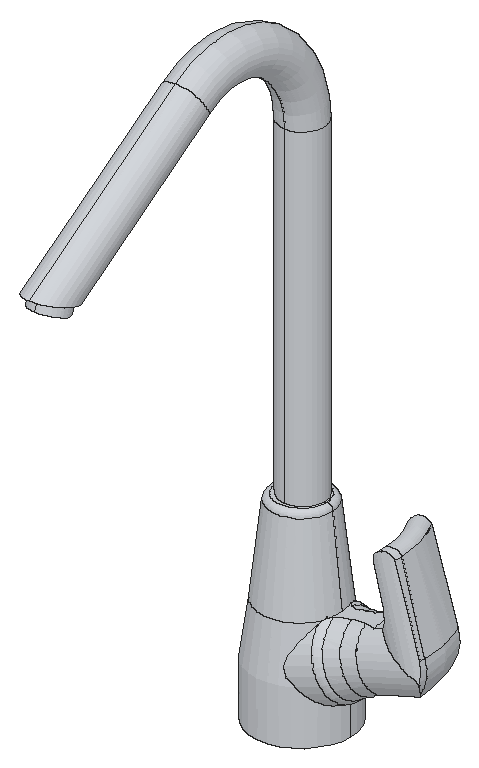
Revit family "AV5030001_Grifería para Lavaplatos sencilloAluvia Palanca", category Plumbing Fixtures, host Face, Revit 2019
Family settings
  Host = Face
  Round Connector Dimension = Use Diameter
  Part Type = Normal
  OmniClass Number = 23.21.23.23
  OmniClass Title = Residential Food Cooking Equipment
  Cut with Voids When Loaded = No
  Shared = No
  Room Calculation Point = No
Parameters
  Work temperature = ""
  Width = 260 mm  # constant formula
  Warranty = "30  Años Grival - 2 Años Cromado"  # constant formula
  Pick Life or Wear (Rotary) = "50.000 ciclos."  # constant formula
  URL = "https://corona.co/medias/AV5080001-griferia-lavaplatos-8-pulgadas-aluvia-triceta-ficha-tecnica.pdf?context=bWFzdGVyfGRvY3VtZW50c3wxNTQ3MzE5fGFwcGxpY2F0aW9uL3BkZnxoNmEvaGQxLzg4MDQ5MTkxODEzNDIvQVY1MDgwMDAxLWdyaWZlcmlhLWxhdmFwbGF0b3MtOC1wdWxnYWRhcy1hbHV2aWEtdHJpY2V0YS1maWNoYS10ZWNuaWNhLnBkZnxjN2U5MDZlNTgwZjU3ZDlmM2JmZGEyY2JiNDk3MmQ0OWUwMGY5MTUwYzhiYjE4NmVkNjc5MzhhNDUzMGUzNzcw"
  Service life or wear (unit) = "500.000 ciclos."  # constant formula
  SKU = "AV5030001"  # constant formula
  Reference = " AV5030001"  # constant formula
  Model = "Griferia LavaPlatos Aluvia 8 Pulgadas Triceta"  # constant formula
  Recommended minimum pressure = "20 psi (138 Kpa)."  # constant formula
  Maximum gauge working pressure of water = " 125 psi (862 Kpa)."  # constant formula
  Material = Corona_Plastico_Cromado
  Manufacturer = "Corona"  # constant formula
  Height = 336 mm  # constant formula
  Fecha de creación = "30/09/2020"  # constant formula
  Description = "La grifería de cocina Aluvia ha sido diseñada para trabajar en perfecta armonía con el espacio. Su pico giratorio le permite al usuario tomar ventaja de toda el área de la poceta. Pico alto que permite el lavado de elementos de gran tamaño, dando confortnen el uso."  # constant formula
  Depth = 198 mm  # constant formula
  Default Elevation = 900 mm
  Creado por = "IDD"  # constant formula
  Acabado = Corona_Plastico_Cromado
Reference planes
  plane 1 "Center (Front/Back)": y = 0
  plane 2: z = 0
  plane 3 "Center (Left/Right)": x = 0
  plane 4: y = 99
  plane 5: y = -99
  plane 6: x = -130
  plane 7: x = 130
  plane 8: z = 336
  plane 9: z = 0
  plane 10: y = 62.914
Forms (mm)
  Revolve 1, solid, detail levels medium+fine
    sketch origin (0, 74, 0) x (1, 0, 0) y (0, 0, 1)
      loop
        line (-25, 0) -> (0, 0) -> (0, 102.415) -> (-12.681, 102.415)
        arc (-12.681, 102.415) -> (-14.777, 101.561) -> (-15.68, 99.485) r 3
        arc (-15.68, 99.485) -> (-17.319, 77.04) -> (-21.163, 54.866) r 227.983
        arc (-21.163, 54.866) -> (-25.16, 27.578) -> (-25, 0) r 182.559
      axis (0, 102.415) -> (0, 0)
    angle from 0 to 360
  Sweep 2, solid, detail levels medium+fine
    path origin (0, 0, 0) x (0, 1, 0) y (0, 0, 1)
      loop
        line (85.7, 99.553) -> (85.7, 272.827)
        arc (85.7, 272.827) -> (54.789, 325.304) -> (-6.095, 323.71) r 60
        line (-6.095, 323.71) -> (-99, 265.656)
    profile origin (0, 85.7, 186.19) x (0, -1, 0) y (1, 0, 0)
      loop
        circle (11.2, 0) r 11.2
  Extrusion 3, void
    sketch origin (0, 0, 0) x (0, 1, 0) y (0, 0, 1)
      loop
        line (-99, 265.656) -> (-107.293, 241.573) -> (-68.705, 240.225) -> (-68.705, 255.225) -> (-99, 265.656)
    from -31.011 to 28.728
  Revolve 4, solid, detail levels medium+fine
    sketch origin (0, -5.312, 2.188) x (0, 1, 0) y (0, 0, 1)
      loop
        line (-88.479, 262.034) -> (-90.22, 256.977) -> (-81.349, 253.923) -> (-79.608, 258.979) -> (-88.479, 262.034)
      axis (-79.608, 258.979) -> (-81.349, 253.923)
    angle from 0 to 360
  Extrusion 5, solid, detail levels coarse
    sketch origin (0, 0, 0) x (1, 0, 0) y (0, 1, 0)
      loop
        line (-129.641, 110.352) -> (-129.641, -99.792) -> (130.209, -99.792) -> (130.209, 110.352) -> (-129.641, 110.352)
    from -18.606 to 333.369
  Revolve 6, solid, detail levels medium+fine
    sketch origin (-1.016, 74.163, -0.169) x (1, 0, 0) y (0, 0, 1)
      loop
        line (3.406, 31.658) -> (42.572, 43.632) -> (37.782, 59.297) -> (29.989, 57.923)
        arc (29.989, 57.923) -> (25.986, 57.457) -> (21.957, 57.362) r 43.695
        arc (21.957, 57.362) -> (19.851, 57.946) -> (17.668, 57.889) r 7.39
        line (17.668, 57.889) -> (2.584, 55.229) -> (3.406, 31.658)
      axis (3.406, 31.658) -> (42.572, 43.632)
    angle from 0 to 360
  Sweep 7, solid, detail levels medium+fine
    path origin (0, 0, 0) x (1, 0, 0) y (0, 0, 1)
      loop
        line (41.556, 43.463) -> (65.464, 50.772) -> (51.228, 103.898)
    profile origin (53.51, 0, 47.117) x (-0.292372, 0, 0.956305) y (0, -1, 0)
      loop
        circle (0, -74.163) r 16.381
  Revolve 8, void, detail levels medium+fine
    sketch origin (0, 62.914, 0) x (1, 0, 0) y (0, 0, 1)
      loop
        line (10.504, 121.248) -> (19.715, 55.706) -> (42.973, 58.975)
        arc (42.973, 58.975) -> (52.191, 64.679) -> (54.213, 75.329) r 13.458
        line (54.213, 75.329) -> (49.644, 95.122)
        arc (49.644, 95.122) -> (52.915, 101.376) -> (59.595, 99.099) r 5.422
        line (59.595, 99.099) -> (71.692, 56.911)
        arc (71.692, 56.911) -> (71.794, 45.244) -> (65.872, 35.191) r 21.83
        line (65.872, 35.191) -> (46.345, 27.797) -> (46.345, 11.248) -> (89.948, 11.248) -> (89.948, 121.248) -> (10.504, 121.248)
      axis (0, 121.248) -> (0, 11.248)
    angle from 0 to 360
Cuts and joins
  Extrusion 3 cuts Sweep 2
  Revolve 8 cuts Extrusion 5
  Revolve 8 cuts Revolve 6
  Revolve 8 cuts Sweep 7
  joined: Revolve 6, Sweep 7
Dimensions and locks
  equal spacing: plane 6, plane 3 "Center (Left/Right)", plane 7
  "Width": plane 6 to plane 7
  equal spacing: plane 4, plane 1 "Center (Front/Back)", plane 5
  "Depth": plane 4 to plane 5
  "Height": plane 8 to plane 9
  aligned and locked: plane 2 to host face
  aligned and locked: level to host face
Automatic sketch dimensions
  host sketch curve to host sketch curve = 260 mm
  host sketch curve to host sketch curve = 153.497 mm
  Revolve 1 sketch curve to level = 0 mm
  Revolve 1 sketch curve to plane 3 "Center (Left/Right)" = 0 mm  (x2)
  Revolve 1 sketch curve to plane 3 "Center (Left/Right)" = 12.681 mm
  Revolve 1 sketch curve to plane 3 "Center (Left/Right)" = 25 mm
  Revolve 1 sketch curve to plane 6 = 113.601 mm
  plane 7 to Revolve 1 sketch curve = 26.954 mm
  level to Revolve 1 sketch curve = 14.844 mm
  level to Revolve 1 sketch curve = 99.415 mm
  Revolve 1 sketch curve to Revolve 1 sketch curve = 3 mm
  level to Revolve 1 sketch curve = 104.847 mm
  Revolve 1 sketch curve to Revolve 1 sketch curve = 0 mm
  Revolve 1 sketch curve to Revolve 1 sketch curve = 12.451 mm
  Revolve 1 sketch curve to Revolve 1 sketch curve = 12.549 mm
  Sweep 2 sketch curve to plane 5 = 0 mm
  plane 1 "Center (Front/Back)" to Sweep 2 sketch curve = 6.095 mm
  Sweep 2 sketch curve to plane 1 "Center (Front/Back)" = 25.7 mm
  Sweep 2 sketch curve to plane 4 = 13.3 mm
  Sweep 2 sketch curve to plane 8 = 63.173 mm
  Sweep 2 sketch curve to plane 8 = 70.344 mm
  level to Sweep 2 sketch curve = 99.553 mm
  Sweep 2 sketch curve to plane 3 "Center (Left/Right)" = 0 mm
  Sweep 2 sketch curve to profile plane = 11.2 mm
  Extrusion 3 sketch curve to plane 5 = 0 mm
  Extrusion 3 sketch curve to plane 5 = 8.293 mm
  plane 5 to Extrusion 3 sketch curve = 30.295 mm
  Extrusion 3 sketch curve to plane 8 = 95.775 mm
  Extrusion 3 sketch curve to Extrusion 3 sketch curve = 1.348 mm
  Extrusion 3 sketch curve to Extrusion 3 sketch curve = 15 mm
  plane 5 to Revolve 4 sketch curve = 3.468 mm
  plane 5 to Revolve 4 sketch curve = 5.209 mm
  Revolve 4 sketch curve to Revolve 4 sketch curve = 8.87 mm
  Revolve 4 sketch curve to plane 8 = 79.889 mm
  Revolve 4 sketch curve to Revolve 4 sketch curve = 3.054 mm
  Revolve 4 sketch curve to Revolve 4 sketch curve = 0.525 mm
  Revolve 4 sketch curve to Revolve 4 sketch curve = 0.751 mm
  Revolve 4 sketch curve to Revolve 4 sketch curve = 1.525 mm
  Revolve 4 sketch curve to Revolve 4 sketch curve = 2.182 mm
  plane 6 to Extrusion 5 sketch curve = 0.359 mm
  plane 7 to Extrusion 5 sketch curve = 0.209 mm
  Extrusion 5 sketch curve to plane 5 = 0.792 mm
  plane 4 to Extrusion 5 sketch curve = 11.352 mm
  plane 3 "Center (Left/Right)" to Revolve 6 sketch curve = 1.568 mm
  plane 3 "Center (Left/Right)" to Revolve 6 sketch curve = 2.391 mm
  Revolve 6 sketch curve to Revolve 6 sketch curve = 15.084 mm
  Revolve 6 sketch curve to Revolve 6 sketch curve = 1.283 mm
  plane 3 "Center (Left/Right)" to Revolve 6 sketch curve = 21.927 mm
  Revolve 6 sketch curve to Revolve 6 sketch curve = 12.321 mm
  Revolve 6 sketch curve to Revolve 6 sketch curve = 7.793 mm
  Revolve 6 sketch curve to Revolve 6 sketch curve = 4.789 mm
  level to Revolve 6 sketch curve = 31.489 mm
  Revolve 6 sketch curve to Revolve 6 sketch curve = 11.974 mm
  Revolve 6 sketch curve to Revolve 6 sketch curve = 8.686 mm
  Revolve 6 sketch curve to Revolve 6 sketch curve = 4.618 mm
  Revolve 6 sketch curve to Revolve 6 sketch curve = 7.278 mm
  Revolve 6 sketch curve to Revolve 6 sketch curve = 1.374 mm
  Revolve 6 sketch curve to Revolve 6 sketch curve = 43.157 mm
  Revolve 6 sketch curve to Revolve 6 sketch curve = 7.737 mm
  Revolve 6 sketch curve to Revolve 6 sketch curve = 11.741 mm
  Revolve 6 sketch curve to Revolve 6 sketch curve = 2.365 mm
  Revolve 6 sketch curve to Revolve 6 sketch curve = 3.59 mm
  Sweep 7 sketch curve to plane 7 = 64.536 mm
  level to Sweep 7 sketch curve = 50.772 mm
  plane 3 "Center (Left/Right)" to Sweep 7 sketch curve = 51.228 mm
  Sweep 7 sketch curve to Sweep 7 sketch curve = 23.908 mm
  Sweep 7 sketch curve to Sweep 7 sketch curve = 7.309 mm
  Sweep 7 sketch curve to Sweep 7 sketch curve = 53.126 mm
  Sweep 7 sketch curve to Sweep 7 sketch curve = 0 mm  (x2)
  Sweep 7 sketch curve to profile plane = 0 mm
  Sweep 7 sketch curve to plane 1 "Center (Front/Back)" = 74.163 mm
  Sweep 7 sketch curve to Sweep 7 sketch curve = 16.381 mm
  Revolve 8 sketch curve to plane 3 "Center (Left/Right)" = 0 mm
  plane 3 "Center (Left/Right)" to Revolve 8 sketch curve = 10.504 mm
  plane 3 "Center (Left/Right)" to Revolve 8 sketch curve = 19.715 mm
  Revolve 8 sketch curve to Revolve 8 sketch curve = 21.385 mm
  Revolve 8 sketch curve to Revolve 8 sketch curve = 1.873 mm
  level to Revolve 8 sketch curve = 11.248 mm
  plane 3 "Center (Left/Right)" to Revolve 8 sketch curve = 46.345 mm
  Revolve 8 sketch curve to Revolve 8 sketch curve = 8.544 mm
  Revolve 8 sketch curve to Revolve 8 sketch curve = 7.735 mm
  Revolve 8 sketch curve to Revolve 8 sketch curve = 13.113 mm
  Revolve 8 sketch curve to Revolve 8 sketch curve = 5.283 mm
  Revolve 8 sketch curve to Revolve 8 sketch curve = 4.669 mm
  Revolve 8 sketch curve to Revolve 8 sketch curve = 19.527 mm
  Revolve 8 sketch curve to Revolve 8 sketch curve = 20.984 mm
  Revolve 8 sketch curve to Revolve 8 sketch curve = 24.075 mm
  Revolve 8 sketch curve to Revolve 8 sketch curve = 16.55 mm
  Revolve 8 sketch curve to Revolve 8 sketch curve = 7.393 mm
  Revolve 8 sketch curve to Revolve 8 sketch curve = 15.703 mm
  Revolve 8 sketch curve to Revolve 8 sketch curve = 4.812 mm
  Revolve 8 sketch curve to Revolve 8 sketch curve = 8.081 mm
  Revolve 8 sketch curve to Revolve 8 sketch curve = 13.327 mm
  Revolve 8 sketch curve to Revolve 8 sketch curve = 19.793 mm
  Revolve 8 sketch curve to Revolve 8 sketch curve = 1.22 mm
  Revolve 8 sketch curve to Revolve 8 sketch curve = 0.541 mm
  Revolve 8 sketch curve to Revolve 8 sketch curve = 10 mm
  radius of Sweep 2 sketch curve = 11.2 mm
Connectors
  piping at (0, 74, 0), diameter 12
    settings: on Revolve 1, index 1, connector inside diameter 609.6 mm, connector length 0 mm, flow factor 0, pipe flow 0.0 L/s, pressure drop 0.0 Pa, fitting loss kfactor 0, connector angle 0.00°, fixture units 0, engagement length 0 mm, angle of deflection 0.00°, flow configuration 0, flow direction 0, fitting loss method 0, system type 7, joint type 0, gender type 0, connector reference index -1, connector utility 0, adjustable connector no, is connector primary yes, connector description ""
